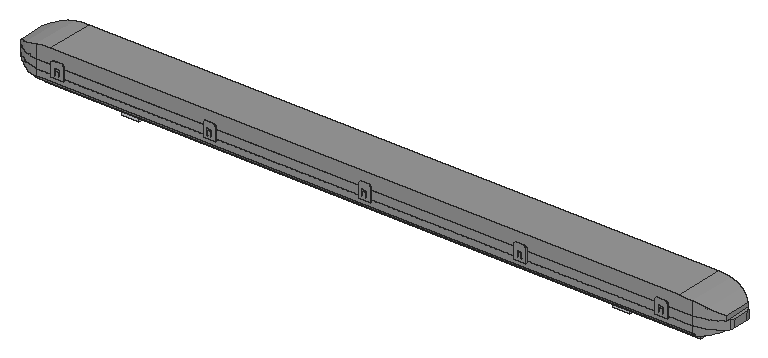
Revit family "0010316", category Lighting Fixtures, host Face, Revit 2018
Family settings
  Host = Face
  Round Connector Dimension = Use Diameter
  Part Type = Normal
  OmniClass Number = 23.80.70.00
  OmniClass Title = Lighting
  Cut with Voids When Loaded = No
  Light Source = Yes
  Shared = No
  Room Calculation Point = No
Parameters (values of type "0010316 RESISTO GRP 1500 IP66 4300LM 840")
  Weight = "n/a"
  Wattage Comments = ""
  Wattage = 9.2903 W
  WarrantyStartDate [instance] = "n/a"
  WarrantyGuarantorParts = "n/a"
  WarrantyDurationUnit = "n/a"
  WarrantyDurationParts = ""
  WarrantyDescription = "http://www.sylvania-lighting.com"
  built-in parameter 1150110 = 1 (stored number, unit not read)
  Voltage = 0 V
  URL = "1"
  TypeName = "Resisto GRP 1500 IP66 4300lm 840"
  Type Image = <None>
  Type Comments = "n/a"
  built-in parameter 1114217 = 1 (stored number, unit not read)
  Tilt Angle = 60.00°
  built-in parameter 1150109 = 1 (stored number, unit not read)
  built-in parameter 1150134 = 3
  built-in parameter 1150113 = 1 (stored number, unit not read)
  SerialNumber [instance] = "n/a"
  Photometric Web File = "0010316.ies"
  Material_3_SYL = none
  PowerFactor = 0
  PowerConsumption = "Lighting"
  NominalLength = 1450 mm
  NominalHeight = 90 mm
  NominalDepth = 100 mm
  Name = "Resisto GRP 1500 IP66 4300lm 840"
  ModelReference = Name  # "Resisto GRP 1500 IP66 4300lm 840"
  ModelNumber = "0010316"
  Model = Name  # "Resisto GRP 1500 IP66 4300lm 840"
  Material = "Feilo Sylvania"
  ManufacturerName = "143 lm/W"
  Manufacturer = ""
  LuminousEfficacy = ""
  built-in parameter 1150105 = 109.82 (stored number, unit not read)
  Lumens = 1380 lm
  LuminaireType = "0"
  built-in parameter 1150115 = 1 (stored number, unit not read)
  LightOutputRatio = "LED"
  built-in parameter 1150137 = (empty or 0)
  built-in parameter 1150139 = (empty or 0)
  LampsType = Lamp  # "n/a"
  LampNominalLuminous = "4000 K"
  LampMacAdamStep = "80"
  LampColourTemperature = "LED"
  LampColourRenderingIndex = "16500"
  built-in parameter 1150112 = 1 (stored number, unit not read)
  built-in parameter 1150114 = 1 (stored number, unit not read)
  Lamp = "n/a"
  Keynote = "n/a"
  InstallationDate [instance] = "n/a"
  InputVoltage = "0"
  InputNominalFrequency = "4000"
  built-in parameter 1150132 = (empty or 0)
  built-in parameter 1150102 = (empty or 0)
  built-in parameter 1150107 = 3200 (stored number, unit not read)
  built-in parameter 1150138 = (empty or 0)
  IngressProtection = "IfcLightFixtureType"
  ImpactProtectionIndex = "IfcLightFixtureType"
  built-in parameter 1150106 = 1.0982 (stored number, unit not read)
  IfcExportType = "IfcLightFixtureType"
  IfcExportAs = "Class I"
  ElectricShockClassification = "143"
  built-in parameter 1150104 = 13.8 (stored number, unit not read)
  DocumentationLiterature = "http://www.sylvania-lighting.com/product/en-int/products/0010316"
  DimmingControlOptions = "n/a"
  Material_2_SYL = none
  Dimming Lamp Color Temperature Shift = <None>
  Description = "Resisto GRP, integrated LED weatherproof luminaire, with smooth body finish optimized for LEDs with flat diffuser, easy to handle. Stainless steel diffuser clips and fixing brackets for surface mounting. The luminaire benefits from a water and dust resistant GRP body and PMMA diffuser. 4300lm; 30W; 143lm/W; 4000K; SDCM<4; non dimmable;  CRI80; IP66; IK02; Class I; 72,000hrs (L80B20) lifespan;  1454mm x 90mm x 120mm; D-mark."
  Default Elevation = 1219.2 mm
  CreatedOn = "12/12/2022"
  CreatedBy = "@sylvania-lighting.com"
  Cost = 0
  Color Filter = 16777215
  built-in parameter 1114216 [instance] = (empty or 0)
  ClassificationValue = "EF_70_80"
  ClassificationName = "Uniclass2015"
  Material_1_SYL = none
  BarCode [instance] = "n/a"
  built-in parameter 1114218 = 1 (stored number, unit not read)
  built-in parameter 1150133 = 10 (stored number, unit not read)
  AssetType = "Fixed"
  AssetIdentifier [instance] = "n/a"
  Assembly Code = "D5020200"
  Apparent Load = 30 VA
  Material_4_SYL = none
Reference planes
  plane 1 "Center (Front/Back)": y = 0
  plane 2: z = 0
  plane 3 "Center (Left/Right)": x = 0
  plane 4: x = -725
  plane 5: x = 725
  plane 6: y = 50
  plane 7: y = -50
  plane 8: z = 10
  plane 9: x = -666
  plane 10: x = 666
  plane 11: y = 26.5
  plane 12: y = -26.5
  plane 13: y = 42.5
  plane 14: y = -42.5
  plane 15: z = 25
  plane 16: z = 43
  plane 17: z = 29
  plane 18: y = -38.5
  plane 19: y = 38.5
  plane 20: x = 616
  plane 21: y = 7.5
  plane 22: x = 717.5
  plane 23: x = -717.458
  plane 24: z = 52
  plane 25: y = 28
  plane 26: y = -28
  plane 27: x = 517
  plane 28: x = -637.458
  plane 29: z = 38
  plane 30: x = -612.458
  plane 31: z = 70
  plane 32: z = 42
  plane 33: x = -616.458
  plane 34: x = -633.458
  plane 35: x = -624.958
  plane 36: x = -621.958
  plane 37: x = -627.942
  plane 38: z = 57
  plane 39: z = 49
  plane 40: x = -619.958
  plane 41: x = -629.942
  plane 42: z = 44
  plane 43: x = -328
  plane 44: y = 43.5
  plane 45: y = -43.5
  plane 46: z = 90
  plane 47: x = -640
  plane 48: y = -21.5
  plane 49: y = 21.5
  plane 50: x = -657
  plane 51: y = 6.5
  plane 52: y = -49
  plane 53: y = 49
  plane 54: y = 13
Forms (mm)
  Extrusion 1, solid, material "GFRP", detail levels medium+fine
    sketch origin (0, 0, 0) x (1, 0, 0) y (0, 1, 0)
      loop
        line (-666, 28) -> (-666, -28) -> (666, -28) -> (666, 28) -> (-666, 28)
    from 10 to 38
  Extrusion 2, solid, material "GFRP", detail levels medium+fine
    sketch origin (111, 1524, 1219.2) x (0, 1, 0) y (0, 0, 1)
      loop
        line (-1475, -1176.2) -> (-1573, -1176.2) -> (-1573, -1190.2)
        arc (-1573, -1190.2) -> (-1571.828, -1193.028) -> (-1569, -1194.2) r 4
        line (-1569, -1194.2) -> (-1479, -1194.2)
        arc (-1479, -1194.2) -> (-1476.172, -1193.028) -> (-1475, -1190.2) r 4
        line (-1475, -1190.2) -> (-1475, -1176.2)
    from -836 to 614
  Extrusion 3, solid, material "GFRP", detail levels medium+fine
    sketch origin (0, 0, 0) x (1, 0, 0) y (0, 1, 0)
      loop
        line (-725, 49) -> (-725, -49) -> (725, -49) -> (725, 49) -> (-725, 49)
    from 43 to 61
  Extrusion 4, void
    sketch origin (0, 0, 104) x (-1, 0, 0) y (0, 0, -1)
      loop
        line (717.458, 14) -> (717.458, 35.019)
        arc (717.458, 35.019) -> (680.13, 19.348) -> (640, 14) r 153.229
        line (640, 14) -> (717.458, 14)
    from -90.627 to 100
  Extrusion 5, solid, detail levels medium+fine
    sketch origin (0, 0, 0) x (1, 0, 0) y (0, 0, 1)
      loop
        line (-517, 10) -> (-517, 0) -> (-481, 0) -> (-481, 10) -> (-517, 10)
    from -21.5 to 21.5
  Extrusion 6, solid, detail levels medium+fine
    sketch origin (998, 0, 0) x (1, 0, 0) y (0, 0, 1)
      loop
        line (-517, 10) -> (-517, 0) -> (-481, 0) -> (-481, 10) -> (-517, 10)
    from -21.5 to 21.5
  Extrusion 7, solid, material "Aluminum", detail levels fine
    sketch origin (-1249.916, 0, 108) x (-1, 0, 0) y (0, 0, -1)
      loop
        line (-637.458, 70) -> (-637.458, 42) -> (-633.458, 38) -> (-616.458, 38) -> (-612.458, 42) -> (-612.458, 70) -> (-637.458, 70)
    from -50 to 50
  Extrusion 8, void
    sketch origin (-1249.828, 0, 101.885) x (-0.999999, 0, 0.001417) y (-0.001417, 0, -0.999999)
      loop
        line (-627.942, 57) -> (-629.942, 57) -> (-629.942, 44) -> (-619.958, 44) -> (-619.958, 57) -> (-621.958, 57) -> (-621.958, 49) -> (-627.942, 49) -> (-627.942, 57)
    from -67.775 to 69.465
  Extrusion 9, solid, not visible
    sketch origin (-1249.916, 0, 108) x (-1, 0, 0) y (0, 0, -1)
      loop
        line (-637.458, 70) -> (-637.458, 42) -> (-633.458, 38) -> (-616.458, 38) -> (-612.458, 42) -> (-612.458, 70) -> (-637.458, 70)
    from 42.5 to 43.5
  Extrusion 10, void, not visible
    sketch origin (-1249.828, 0, 101.885) x (-0.999999, 0, 0.001417) y (-0.001417, 0, -0.999999)
      loop
        line (-627.942, 57) -> (-629.942, 57) -> (-629.942, 44) -> (-619.958, 44) -> (-619.958, 57) -> (-621.958, 57) -> (-621.958, 49) -> (-627.942, 49) -> (-627.942, 57)
    from 42.5 to 47.214
  Extrusion 11, solid, material "Aluminum", detail levels fine
    sketch origin (-21.458, 0, 108) x (-1, 0, 0) y (0, 0, -1)
      loop
        line (-637.458, 70) -> (-637.458, 42) -> (-633.458, 38) -> (-616.458, 38) -> (-612.458, 42) -> (-612.458, 70) -> (-637.458, 70)
    from -50 to 50
  Extrusion 12, void
    sketch origin (-21.37, 0, 101.885) x (-0.999999, 0, 0.001417) y (-0.001417, 0, -0.999999)
      loop
        line (-627.942, 57) -> (-629.942, 57) -> (-629.942, 44) -> (-619.958, 44) -> (-619.958, 57) -> (-621.958, 57) -> (-621.958, 49) -> (-627.942, 49) -> (-627.942, 57)
    from -50 to 50
  Extrusion 13, solid, material "Aluminum", detail levels fine
    sketch origin (-624.937, 0, 108) x (-1, 0, 0) y (0, 0, -1)
      loop
        line (-637.458, 70) -> (-637.458, 42) -> (-633.458, 38) -> (-616.458, 38) -> (-612.458, 42) -> (-612.458, 70) -> (-637.458, 70)
    from -50 to 50
  Extrusion 14, void
    sketch origin (-624.849, 0, 101.885) x (-0.999999, 0, 0.001417) y (-0.001417, 0, -0.999999)
      loop
        line (-627.942, 57) -> (-629.942, 57) -> (-629.942, 44) -> (-619.958, 44) -> (-619.958, 57) -> (-621.958, 57) -> (-621.958, 49) -> (-627.942, 49) -> (-627.942, 57)
    from -50 to 50
  Extrusion 15, solid, material "Aluminum", detail levels fine
    sketch origin (-940.458, 0, 108) x (-1, 0, 0) y (0, 0, -1)
      loop
        line (-637.458, 70) -> (-637.458, 42) -> (-633.458, 38) -> (-616.458, 38) -> (-612.458, 42) -> (-612.458, 70) -> (-637.458, 70)
    from -50 to 50
  Extrusion 16, void
    sketch origin (-940.37, 0, 101.885) x (-0.999999, 0, 0.001417) y (-0.001417, 0, -0.999999)
      loop
        line (-627.942, 57) -> (-629.942, 57) -> (-629.942, 44) -> (-619.958, 44) -> (-619.958, 57) -> (-621.958, 57) -> (-621.958, 49) -> (-627.942, 49) -> (-627.942, 57)
    from -50 to 50
  Extrusion 17, solid, material "Aluminum", detail levels fine
    sketch origin (940.458, 0, 108) x (1, 0, 0) y (0, 0, -1)
      loop
        line (-637.458, 70) -> (-637.458, 42) -> (-633.458, 38) -> (-616.458, 38) -> (-612.458, 42) -> (-612.458, 70) -> (-637.458, 70)
    from -50 to 50
  Extrusion 18, void
    sketch origin (940.37, 0, 101.885) x (0.999999, 0, 0.001417) y (0.001417, 0, -0.999999)
      loop
        line (-627.942, 57) -> (-629.942, 57) -> (-629.942, 44) -> (-619.958, 44) -> (-619.958, 57) -> (-621.958, 57) -> (-621.958, 49) -> (-627.942, 49) -> (-627.942, 57)
    from 50 to -50
  Extrusion 19, solid, material "Glass, White, High Luminance", detail levels medium+fine
    sketch origin (0, 0, 0) x (1, 0, 0) y (0, 0, 1)
      loop
        line (-666, 61) -> (666, 61) -> (666, 65.032) -> (-666, 65.032) -> (-666, 61)
    from -38.5 to 38.5
  Extrusion 20, void
    sketch origin (0, 0, 104) x (1, 0, 0) y (0, 0, 1)
      loop
        line (717.458, -14) -> (640, -14)
        arc (640, -14) -> (680.13, -19.348) -> (717.458, -35.019) r 153.229
        line (717.458, -35.019) -> (717.458, -14)
    from -90.627 to 100
  Extrusion 21, solid, material "Plastic, Opaque White", detail levels medium+fine
    sketch origin (0, 0, 0) x (1, 0, 0) y (0, 0, 1)
      loop
        line (-717.458, 90) -> (-717.458, 61) -> (717.458, 61) -> (717.458, 90) -> (-717.458, 90)
    from -49 to 49
  Extrusion 22, void
    sketch origin (-7.542, 0, 11) x (-1, 0, 0) y (0, 0, -1)
      loop
        line (717.458, -14) -> (640, -14)
        arc (640, -14) -> (680.13, -19.348) -> (717.458, -35.019) r 153.229
        line (717.458, -35.019) -> (717.458, -14)
    from -90.627 to 100
  Extrusion 23, void
    sketch origin (7.542, 0, 11) x (1, 0, 0) y (0, 0, 1)
      loop
        line (717.458, 14) -> (717.458, 35.019)
        arc (717.458, 35.019) -> (680.13, 19.348) -> (640, 14) r 153.229
        line (640, 14) -> (717.458, 14)
    from -90.627 to 100
  Extrusion 24, void
    sketch origin (0, 0, 0) x (1, 0, 0) y (0, 1, 0)
      loop
        arc (-725, 13) -> (-724.167, 18.848) -> (-721.046, 23.862) r 14.332
        arc (-721.046, 23.862) -> (-691.785, 43.468) -> (-657, 49) r 82.057
        line (-657, 49) -> (-657, 50) -> (-726.025, 50) -> (-726.025, 13) -> (-725, 13)
    from 0 to 100
  Extrusion 25, void
    sketch origin (0, 0, 0) x (1, 0, 0) y (0, 1, 0)
      loop
        line (-725, -13) -> (-726.025, -13) -> (-726.025, -50) -> (-657, -50) -> (-657, -49)
        arc (-657, -49) -> (-691.785, -43.468) -> (-721.046, -23.862) r 82.057
        arc (-721.046, -23.862) -> (-724.167, -18.848) -> (-725, -13) r 14.332
    from 0 to 100
  Extrusion 26, void
    sketch origin (0, 0, 0) x (-1, 0, 0) y (0, -1, 0)
      loop
        line (-725, -13) -> (-726.025, -13) -> (-726.025, -50) -> (-657, -50) -> (-657, -49)
        arc (-657, -49) -> (-691.785, -43.468) -> (-721.046, -23.862) r 82.057
        arc (-721.046, -23.862) -> (-724.167, -18.848) -> (-725, -13) r 14.332
    from 0 to 100
  Extrusion 27, void
    sketch origin (0, 0, 0) x (-1, 0, 0) y (0, -1, 0)
      loop
        arc (-725, 13) -> (-724.167, 18.848) -> (-721.046, 23.862) r 14.332
        arc (-721.046, 23.862) -> (-691.785, 43.468) -> (-657, 49) r 82.057
        line (-657, 49) -> (-657, 50) -> (-726.025, 50) -> (-726.025, 13) -> (-725, 13)
    from 0 to 100
  Extrusion 28, solid, detail levels coarse
    sketch origin (0, 0, 0) x (1, 0, 0) y (0, 0, 1)
      loop
        line (-725, 90) -> (-725, 0) -> (725, 0) -> (725, 90) -> (-725, 90)
    from -50 to 50
Cuts and joins
  Extrusion 8, Extrusion 12, Extrusion 14, Extrusion 16 cuts Extrusion 7
  Extrusion 12 cuts Extrusion 11
  Extrusion 14 cuts Extrusion 13
  Extrusion 16, Extrusion 18 cuts Extrusion 15
  Extrusion 18 cuts Extrusion 17
  Extrusion 8, Extrusion 12, Extrusion 14, Extrusion 16, Extrusion 18 cuts Extrusion 1
  Extrusion 20, Extrusion 22, Extrusion 23, Extrusion 24, Extrusion 25, Extrusion 26, Extrusion 27 cuts Extrusion 2
  Extrusion 4, Extrusion 20, Extrusion 22, Extrusion 23, Extrusion 24, Extrusion 25, Extrusion 26, Extrusion 27 cuts Extrusion 21
  Extrusion 22, Extrusion 23, Extrusion 24, Extrusion 25, Extrusion 26, Extrusion 27 cuts Extrusion 3
Dimensions and locks
  "NominalLength": plane 4 to plane 5
  equal spacing: plane 4, plane 3 "Center (Left/Right)", plane 5
  "NominalDepth": plane 6 to plane 7
  equal spacing: plane 6, plane 1 "Center (Front/Back)", plane 7
  plane 8 to level = 10 mm
  plane 9 to plane 10 = 1332 mm
  equal spacing: plane 9, plane 3 "Center (Left/Right)", plane 10
  "NominalHeight": plane 46 to host face
  aligned and locked: plane 2 to host face
  aligned and locked: level to host face
Automatic sketch dimensions
  Extrusion 10 sketch curve to Extrusion 10 sketch curve = 2 mm  (x2)
  Extrusion 10 sketch curve to Extrusion 10 sketch curve = 5.984 mm
  Extrusion 10 sketch curve to Extrusion 10 sketch curve = 0 mm
  Extrusion 10 sketch curve to Extrusion 10 sketch curve = 8 mm
  Extrusion 10 sketch curve to Extrusion 10 sketch curve = 5 mm
  Extrusion 9 sketch curve to Extrusion 9 sketch curve = 4 mm  (x3)
  Extrusion 9 sketch curve to Extrusion 9 sketch curve = 17 mm
  Extrusion 9 sketch curve to Extrusion 9 sketch curve = 25 mm
  Extrusion 9 sketch curve to Extrusion 9 sketch curve = 28 mm
  host sketch curve to host sketch curve = 2438.4 mm  (x2)
  Extrusion 1 sketch curve to plane 9 = 0 mm
  Extrusion 1 sketch curve to plane 10 = 0 mm
  Extrusion 1 sketch curve to plane 26 = 0 mm
  Extrusion 1 sketch curve to plane 25 = 0 mm
  Extrusion 2 sketch curve to plane 16 = 0 mm
  Extrusion 2 sketch curve to plane 52 = 0 mm
  Extrusion 2 sketch curve to plane 15 = 0 mm
  Extrusion 2 sketch curve to plane 17 = 0 mm  (x2)
  Extrusion 2 sketch curve to plane 53 = 0 mm
  Extrusion 3 sketch curve to plane 4 = 0 mm
  Extrusion 3 sketch curve to plane 5 = 0 mm
  plane 52 to Extrusion 3 sketch curve = 0 mm
  plane 53 to Extrusion 3 sketch curve = 0 mm
  Extrusion 4 sketch curve to plane 46 = 0 mm
  Extrusion 4 sketch curve to plane 47 = 0 mm
  Extrusion 4 sketch curve to plane 23 = 0 mm
  Extrusion 4 sketch curve to plane 31 = 1.019 mm
  Extrusion 5 sketch curve to level = 0 mm
  Extrusion 5 sketch curve to plane 8 = 0 mm
  plane 30 to Extrusion 5 sketch curve = 95.458 mm
  Extrusion 5 sketch curve to Extrusion 5 sketch curve = 36 mm
  Extrusion 6 sketch curve to level = 0 mm
  Extrusion 6 sketch curve to plane 8 = 0 mm
  Extrusion 6 sketch curve to plane 27 = 0 mm
  Extrusion 6 sketch curve to plane 27 = 36 mm
  Extrusion 7 sketch curve to plane 29 = 0 mm
  Extrusion 7 sketch curve to plane 30 = 0 mm
  Extrusion 7 sketch curve to plane 31 = 0 mm
  Extrusion 7 sketch curve to plane 33 = 0 mm
  Extrusion 7 sketch curve to plane 34 = 0 mm
  Extrusion 7 sketch curve to plane 28 = 0 mm
  Extrusion 7 sketch curve to plane 31 = 4 mm  (x2)
  Extrusion 8 sketch curve to plane 42 = 0.007 mm
  Extrusion 8 sketch curve to plane 40 = 0.009 mm
  Extrusion 8 sketch curve to Extrusion 8 sketch curve = 2 mm  (x2)
  Extrusion 8 sketch curve to Extrusion 8 sketch curve = 5.984 mm
  Extrusion 8 sketch curve to Extrusion 8 sketch curve = 0 mm
  Extrusion 8 sketch curve to Extrusion 8 sketch curve = 8 mm
  Extrusion 8 sketch curve to Extrusion 8 sketch curve = 5 mm
  Extrusion 11 sketch curve to plane 20 = 0 mm
  Extrusion 11 sketch curve to plane 31 = 0 mm
  Extrusion 11 sketch curve to plane 29 = 0 mm
  Extrusion 11 sketch curve to plane 20 = 4 mm
  Extrusion 11 sketch curve to Extrusion 11 sketch curve = 17 mm
  Extrusion 11 sketch curve to Extrusion 11 sketch curve = 25 mm
  Extrusion 11 sketch curve to plane 31 = 4 mm  (x2)
  Extrusion 12 sketch curve to plane 42 = 0.007 mm
  Extrusion 12 sketch curve to plane 20 = 7.509 mm
  Extrusion 12 sketch curve to Extrusion 12 sketch curve = 2 mm  (x2)
  Extrusion 12 sketch curve to Extrusion 12 sketch curve = 5.984 mm
  Extrusion 12 sketch curve to Extrusion 12 sketch curve = 0 mm
  Extrusion 12 sketch curve to Extrusion 12 sketch curve = 8 mm
  Extrusion 12 sketch curve to Extrusion 12 sketch curve = 5 mm
  Extrusion 13 sketch curve to plane 29 = 0 mm
  Extrusion 13 sketch curve to plane 31 = 0 mm
  plane 3 "Center (Left/Right)" to Extrusion 13 sketch curve = 12.521 mm
  Extrusion 13 sketch curve to Extrusion 13 sketch curve = 4 mm
  Extrusion 13 sketch curve to plane 3 "Center (Left/Right)" = 8.479 mm
  Extrusion 13 sketch curve to plane 3 "Center (Left/Right)" = 12.479 mm
  Extrusion 13 sketch curve to plane 31 = 4 mm  (x2)
  Extrusion 14 sketch curve to plane 42 = 0.007 mm
  plane 3 "Center (Left/Right)" to Extrusion 14 sketch curve = 5.012 mm
  Extrusion 14 sketch curve to Extrusion 14 sketch curve = 2 mm  (x2)
  Extrusion 14 sketch curve to Extrusion 14 sketch curve = 5.984 mm
  Extrusion 14 sketch curve to Extrusion 14 sketch curve = 0 mm
  Extrusion 14 sketch curve to Extrusion 14 sketch curve = 8 mm
  Extrusion 14 sketch curve to Extrusion 14 sketch curve = 5 mm
  Extrusion 15 sketch curve to plane 29 = 0 mm
  Extrusion 15 sketch curve to plane 31 = 0 mm
  Extrusion 15 sketch curve to plane 43 = 0 mm
  plane 43 to Extrusion 15 sketch curve = 4 mm
  Extrusion 15 sketch curve to Extrusion 15 sketch curve = 17 mm
  plane 43 to Extrusion 15 sketch curve = 25 mm
  Extrusion 15 sketch curve to plane 31 = 4 mm  (x2)
  Extrusion 16 sketch curve to plane 42 = 0.007 mm
  plane 43 to Extrusion 16 sketch curve = 17.491 mm
  Extrusion 16 sketch curve to Extrusion 16 sketch curve = 2 mm  (x2)
  Extrusion 16 sketch curve to Extrusion 16 sketch curve = 5.984 mm
  Extrusion 16 sketch curve to Extrusion 16 sketch curve = 0 mm
  Extrusion 16 sketch curve to Extrusion 16 sketch curve = 8 mm
  Extrusion 16 sketch curve to Extrusion 16 sketch curve = 5 mm
  Extrusion 17 sketch curve to plane 29 = 0 mm
  Extrusion 17 sketch curve to plane 31 = 0 mm
  Extrusion 17 sketch curve to plane 27 = 214 mm
  Extrusion 17 sketch curve to Extrusion 17 sketch curve = 4 mm
  Extrusion 17 sketch curve to Extrusion 17 sketch curve = 17 mm
  Extrusion 17 sketch curve to Extrusion 17 sketch curve = 25 mm
  Extrusion 17 sketch curve to plane 31 = 4 mm  (x2)
  Extrusion 18 sketch curve to plane 42 = 0.007 mm
  Extrusion 18 sketch curve to plane 27 = 206.491 mm
  Extrusion 18 sketch curve to Extrusion 18 sketch curve = 2 mm  (x2)
  Extrusion 18 sketch curve to Extrusion 18 sketch curve = 5.984 mm
  Extrusion 18 sketch curve to Extrusion 18 sketch curve = 0 mm
  Extrusion 18 sketch curve to Extrusion 18 sketch curve = 8 mm
  Extrusion 18 sketch curve to Extrusion 18 sketch curve = 5 mm
  Extrusion 19 sketch curve to plane 9 = 0 mm
  Extrusion 19 sketch curve to plane 10 = 0 mm
  plane 38 to Extrusion 19 sketch curve = 4 mm
  Extrusion 19 sketch curve to Extrusion 19 sketch curve = 4.032 mm
  Extrusion 20 sketch curve to plane 46 = 0 mm
  Extrusion 20 sketch curve to plane 20 = 24 mm
  plane 22 to Extrusion 20 sketch curve = 0.042 mm
  plane 31 to Extrusion 20 sketch curve = 1.019 mm
  Extrusion 21 sketch curve to plane 23 = 0 mm
  Extrusion 21 sketch curve to plane 46 = 0 mm
  Extrusion 21 sketch curve to plane 22 = 0.042 mm
  plane 38 to Extrusion 21 sketch curve = 4 mm
  Extrusion 22 sketch curve to plane 15 = 0 mm
  Extrusion 22 sketch curve to plane 4 = 0 mm
  plane 47 to Extrusion 22 sketch curve = 7.542 mm
  Extrusion 22 sketch curve to Extrusion 22 sketch curve = 21.019 mm
  Extrusion 23 sketch curve to plane 15 = 0 mm
  Extrusion 23 sketch curve to plane 5 = 0 mm
  Extrusion 23 sketch curve to plane 10 = 18.458 mm
  Extrusion 23 sketch curve to Extrusion 23 sketch curve = 21.019 mm
  Extrusion 24 sketch curve to plane 54 = 0 mm
  Extrusion 24 sketch curve to plane 6 = 0 mm
  Extrusion 24 sketch curve to plane 4 = 0 mm
  Extrusion 24 sketch curve to plane 50 = 0 mm
  plane 53 to Extrusion 24 sketch curve = 0 mm
  Extrusion 24 sketch curve to plane 4 = 1.025 mm
  plane 54 to Extrusion 24 sketch curve = 0.946 mm
  plane 23 to Extrusion 24 sketch curve = 6.758 mm
  plane 9 to Extrusion 24 sketch curve = 4.195 mm
  Extrusion 24 sketch curve to plane 26 = 4.916 mm
  Extrusion 25 sketch curve to plane 7 = 0 mm
  Extrusion 25 sketch curve to plane 4 = 0 mm
  Extrusion 25 sketch curve to plane 50 = 0 mm
  plane 52 to Extrusion 25 sketch curve = 0 mm
  plane 4 to Extrusion 25 sketch curve = 1.025 mm
  Extrusion 25 sketch curve to plane 23 = 6.758 mm
  Extrusion 25 sketch curve to plane 9 = 4.195 mm
  Extrusion 25 sketch curve to plane 48 = 7.554 mm
  Extrusion 25 sketch curve to plane 48 = 8.5 mm
  Extrusion 25 sketch curve to plane 25 = 4.916 mm
  plane 54 to Extrusion 26 sketch curve = 0 mm
  Extrusion 26 sketch curve to plane 6 = 0 mm
  Extrusion 26 sketch curve to plane 5 = 0 mm
  plane 53 to Extrusion 26 sketch curve = 0 mm
  Extrusion 26 sketch curve to plane 5 = 1.025 mm
  Extrusion 26 sketch curve to plane 54 = 0.946 mm
  plane 22 to Extrusion 26 sketch curve = 6.8 mm
  plane 10 to Extrusion 26 sketch curve = 4.195 mm
  plane 10 to Extrusion 26 sketch curve = 9 mm
  plane 26 to Extrusion 26 sketch curve = 4.916 mm
  Extrusion 27 sketch curve to plane 7 = 0 mm
  Extrusion 27 sketch curve to plane 5 = 0 mm
  plane 52 to Extrusion 27 sketch curve = 0 mm
  plane 5 to Extrusion 27 sketch curve = 1.025 mm
  Extrusion 27 sketch curve to plane 22 = 6.8 mm
  Extrusion 27 sketch curve to plane 10 = 4.195 mm
  Extrusion 27 sketch curve to plane 10 = 9 mm
  plane 48 to Extrusion 27 sketch curve = 7.554 mm
  plane 48 to Extrusion 27 sketch curve = 8.5 mm
  plane 25 to Extrusion 27 sketch curve = 4.916 mm
  Extrusion 28 sketch curve to level = 0 mm
  Extrusion 28 sketch curve to plane 4 = 0 mm
  Extrusion 28 sketch curve to plane 5 = 0 mm
  Extrusion 28 sketch curve to plane 46 = 0 mm
Connectors
  electrical at (0, 0, 0), driven by "Apparent Load", driven by "PowerFactor", driven by "Voltage"
    settings: index 1, voltage 0 V, apparent load 30 VA, apparent load phase1 0 VA, apparent load phase2 0 VA, apparent load phase3 0 VA, power factor 0, load classification "Lighting", number of poles 1, system type 30, power factor state 1, is connector primary yes, connector utility no, sub classification motor no, connector description ""
